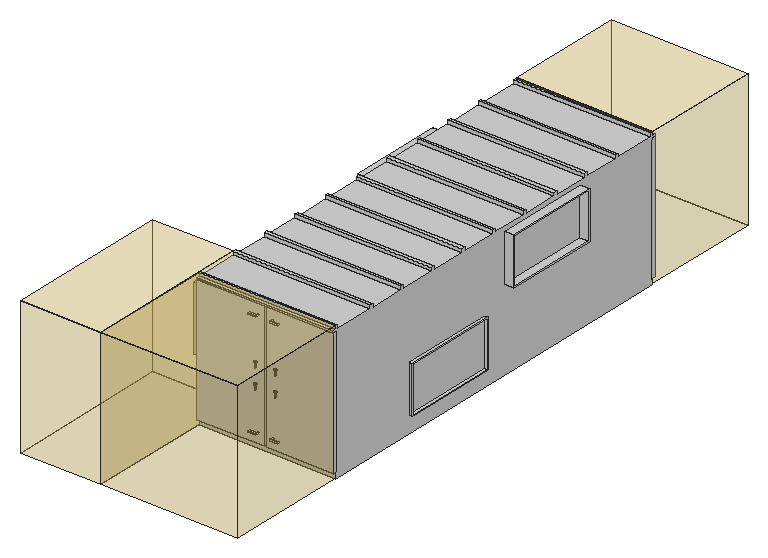
Revit family "Ventilator-RenewAire-Energy-Recovery-LE10XINV", category Mechanical Equipment, Revit 2015
Parameters (values of type "10.0 HP 208-230V Three Phase")
  Voltage = "208-230"
  Ventilation Type = "Static Plate, Heat and Humidity Transfer"
  Unit Width = "205-1/2\""
  Unit Weight - Modular = "1,127-2,222 lbs."
  Unit Weight - Assembled = "2,859-3,788 lbs."
  Unit Length = "81-1/2\""
  Unit Height = "71-1/4\""
  Unit = Metal - RenewAire - Anodized - Gray Text
  URL = "www.renewaire.com"
  Typical Airflow Range = "2,500-11,000 CFM"
  Standard Features = "TEFC Premium efficiency motors, Motor starters, Non-fused disconnect, 24 VAC transformer/relay package, Rubber vibration isolators"
  Shipping Weight - Assembled = "4,228 lbs."
  Service Area Visibility = yes
  Service Area Box = Interference - RenewAire - Smooth - Light - Gold
  Revit Object Download Link = ""
  Phase = "Three"
  Options = "Integrated programmable controls, Fused disconnect, Double wall construction, Factory supplied and mounted variable frequency drives (VFDs) - one or both airstreams, Class 1 low-leakage motorized isolation dampers - OA, RA or both airstreams, Qty. 2 Factory mounted filter alarms, Exterior Paint - white, custom colors, Spring Vibration Isolators"
  Number Motors = "Qty. 2, Belt drive blower/ standard motor packages with choice of adjustable sheaves for low, medium or high blower speed"
  Model = "LE10XINV"
  Minimum Circuit Amps = "60.8A"
  Maximum Overcurrent Protection = "80A"
  Max. Shipping Height - Modular = "78\""
  Max. Shipping Width - Assembled = "90\""
  Max. Shipping Weight - Module 2 = "1,792 lbs."
  Max. Shipping Weight - Module 1 = "2,442 lbs."
  Max. Shipping Width - Modular = "90\""
  Max. Shipping Length - Assembled = "240\""
  Max. Shipping Length - Modular = "120\""
  Max. Shipping Height - Assembled = "78\""
  Manufacturer = "RenewAire LLC"
  Frequency = "60 HZ"
  FLA per Motor = "27.0-24.4"
  Description = "Energy Recovery Ventilator"
  Connector Base Material = Glass - With - Transparency
  Accessories = "Filters - MERV 13, 2\" or 4\"; MERV 8, 4\"  (shipped loose), Digital time clock - wall mount(TC7D-W), in exterior enclosure (TC7D-E), Motion occupancy control - ceiling mount(MC-C), wall mount(MC-W), Carbon Dioxide control - duct mount(CO2-D), wall mount (CO2-W), Electric duct heater – EK series (1-60 kW), EH series (61-175 kW), Indirect gas-fired duct furnace - GH series (50-400 MBH), installed downstream of any fans"
  AHRI 1060 Certified Core = "Ten L125-G5"
Types (14): name | Voltage | Phase | Minimum Circuit Amps | Maximum Overcurrent Protection | FLA per Motor
  (no name) | "208-230" | "Three" | "60.8A" | "80A" | "27.0-24.4"
  3.0 HP 208-230V Single Phase | "208-230" | "Single" | "33.1 A" | "40 A" | "14.7 - 14"
  3.0 HP 208-230V Three Phase | "208-230" | "Three" | "21.1 A" | "25 A" | "9.38-8.48"
  3.0 HP 460V Three Phase | "460" | "Three" | "9.5 A" | "15 A" | "4.24"
  3.0 HP 575V Three Phase | "575" | "Three" | "7.4 A" | "15 A" | "3.3"
  5.0 HP 208-230V Three Phase | "208-230" | "Three" | "32.6 A" | "45 A" | "14.5-13.4"
  5.0 HP 460V Three Phase | "460" | "Three" | "15.1 A" | "20 A" | "6.7"
  5.0 HP 575V Three Phase | "575" | "Three" | "11.9 A" | "15 A" | "5.3"
  7.5 HP 208-230V Three Phase | "208-230" | "Three" | "47.3 A" | "60 A" | "21.0-19.0"
  7.5 HP 460V Three Phase | "460" | "Three" | "21.4 A" | "25 A" | "9.5"
  7.5 HP 575V Three Phase | "575" | "Three" | "17.1 A" | "20 A" | "7.6"
  10.0 HP 208-230V Three Phase | "208-230" | "Three" | "60.8A" | "80A" | "27.0-24.4"
  10.0 HP 460V Three Phase | "460" | "Three" | "27.5A" | "35A" | "12.2"
  10.0 HP 575V Three Phase | "575" | "Three" | "22.0 A" | "30 A" | "9.76"
Reference planes (in)
  plane 1 "Center (Front/Back)": y = 0
  plane 2: z = 0
  plane 3 "Center (Left/Right)": x = 0
Forms (in)
  Extrusion 1, solid, material "Metal - RenewAire - Anodized - Gray Text"
    sketch origin (-0.48313, -45.9375, 75.0345) x (1, 0, 0) y (0, 0, -1)
      loop
        circle (-3.25, 67.0345) r 0.25
    from -56.3125 to -55.5625
  Extrusion 2, solid, material "Metal - RenewAire - Anodized - Gray Text"
    sketch origin (-0.48313, -45.9375, 75.0345) x (0, 1, 0) y (0, 0, -1)
      loop
        line (-56.3125, 67.2845) -> (-57.1875, 67.2845) -> (-57.1875, 66.7845) -> (-56.3125, 66.7845) -> (-56.3125, 67.2845)
    from 2.95437 to 7.02735
  Extrusion 3, solid, material "Metal - RenewAire - Anodized - Gray Text"
    sketch origin (-0.4375, -45.9375, 128.569) x (1, 0, 0) y (0, 0, -1)
      loop
        circle (-3.25, 67.0345) r 0.25
    from -56.3125 to -55.5625
  Extrusion 4, solid, material "Metal - RenewAire - Anodized - Gray Text"
    sketch origin (-0.48313, -45.9375, 128.569) x (0, 1, 0) y (0, 0, -1)
      loop
        line (-56.3125, 67.2845) -> (-57.1875, 67.2845) -> (-57.1875, 66.7845) -> (-56.3125, 66.7845) -> (-56.3125, 67.2845)
    from 2.95437 to 7.02735
  Extrusion 5, solid, material "Interference - RenewAire - Smooth - Light - Gold", visible <- "Service Area Visibility"
    sketch origin (19.25, -40, 0) x (1, 0, 0) y (0, 1, 0)
      loop
        line (-53.8125, -38.125) -> (-94.8125, -38.125) -> (-94.8125, -122.25) -> (-53.8125, -122.25) -> (-53.8125, -38.125)
    from 0 to 69.25
  Extrusion 6, solid, material "Interference - RenewAire - Smooth - Light - Gold", visible <- "Service Area Visibility"
    sketch origin (0, -85.75, 0) x (1, 0, 0) y (0, 1, 0)
      loop
        line (34.5625, -14.25) -> (-34.5625, -14.25) -> (-34.5625, -76.5) -> (34.5625, -76.5) -> (34.5625, -14.25)
    from 0 to 69.25
  Extrusion 7, solid, material "Metal - RenewAire - Anodized - Gray Text"
    sketch origin (0, 0, 0) x (0, 1, 0) y (0, 0, 1)
      loop
        line (99.25, 67.5) -> (78.35, 67.5) -> (78.35, 69.25) -> (76.85, 69.25) -> (76.85, 67.5) -> (58.95, 67.5) -> (58.95, 69.25) -> (57.45, 69.25) -> (57.45, 67.5) -> (39.55, 67.5) -> (39.55, 69.25) -> (38.05, 69.25) -> (38.05, 67.5) -> (20.15, 67.5) -> (20.15, 69.25) -> (18.65, 69.25) -> (18.65, 67.5) -> (0.75, 67.5) -> (0.75, 69.25) -> (-0.75, 69.25) -> (-0.75, 67.5) -> (-18.65, 67.5) -> (-18.65, 69.25) -> (-20.15, 69.25) -> (-20.15, 67.5) -> (-38.05, 67.5) -> (-38.05, 69.25) -> (-39.55, 69.25) -> (-39.55, 67.5) -> (-57.45, 67.5) -> (-57.45, 69.25) -> (-58.95, 69.25) -> (-58.95, 67.5) -> (-76.85, 67.5) -> (-76.85, 69.25) -> (-78.35, 69.25) -> (-78.35, 67.5) -> (-99.25, 67.5) -> (-99.25, 69.25) -> (-100, 69.25) -> (-100, 67.75) -> (-102, 67.75) -> (-102, 67) -> (-100, 67) -> (-100, 0) -> (100, 0) -> (100, 67) -> (102, 67) -> (102, 67.75) -> (100, 67.75) -> (100, 69.25) -> (99.25, 69.25) -> (99.25, 67.5)
    from -34.5625 to 34.5625
  Extrusion 8, solid, material "Interference - RenewAire - Smooth - Light - Gold", visible <- "Service Area Visibility"
    sketch origin (0, 8.09732, 0) x (1, 0, 0) y (0, 1, 0)
      loop
        line (34.5625, 152.90268) -> (-34.5625, 152.90268) -> (-34.5625, 92.65268) -> (34.5625, 92.65268) -> (34.5625, 152.90268)
    from 0 to 69.25
  Extrusion 9, solid, material "Metal - RenewAire - Anodized - Gray Text"
    sketch origin (0, 0, 0) x (1, 0, 0) y (0, 0, 1)
      loop
        line (-34.5625, 66.5) -> (-34.5625, 3) -> (-0.5625, 3) -> (-0.5625, 66.5) -> (-34.5625, 66.5)
    from 100 to 101.5
  Extrusion 10, solid, material "Metal - RenewAire - Anodized - Gray Text"
    sketch origin (-6.80202, 0, 0) x (1, 0, 0) y (0, 0, 1)
      loop
        line (7.36452, 66.5) -> (7.36452, 3) -> (41.36452, 3) -> (41.36452, 66.5) -> (7.36452, 66.5)
    from 100 to 101.5
  Extrusion 11, solid, material "Metal - RenewAire - Anodized - Gray Text"
    sketch origin (0, 0, 0) x (1, 0, 0) y (0, 0, 1)
      loop
        line (-34.5625, 66.5) -> (-34.5625, 3) -> (-0.5625, 3) -> (-0.5625, 66.5) -> (-34.5625, 66.5)
    from -101.5 to -100
  Extrusion 12, solid, material "Metal - RenewAire - Anodized - Gray Text"
    sketch origin (-6.80202, 0, 0) x (1, 0, 0) y (0, 0, 1)
      loop
        line (7.36452, 66.5) -> (7.36452, 3) -> (41.36452, 3) -> (41.36452, 66.5) -> (7.36452, 66.5)
    from -101.5 to -100
  Extrusion 13, solid, material "Metal - RenewAire - Anodized - Gray Text"
    sketch origin (0, -40, 0) x (0, 1, 0) y (0, 0, 1)
      loop
        line (-38.125, 62) -> (-57.5, 62) -> (-57.5, 29.625) -> (-38.125, 29.625) -> (-38.125, 62)
    from -39.5625 to -34.5625
  Extrusion 14, solid, material "Metal - RenewAire - Anodized - Gray Text"
    sketch origin (0, -40, 0) x (0, 1, 0) y (0, 0, 1)
      loop
        line (-49, 43.625) -> (-51.5, 43.625) -> (-51.5, 41.125) -> (-49, 41.125) -> (-49, 43.625)
    from -39.8125 to -39.5625
  Extrusion 15, solid, material "Metal - RenewAire - Anodized - Gray Text"
    sketch origin (0, -40, 0) x (0, 1, 0) y (0, 0, 1)
      loop
        circle (-50.24745, 42.375) r 1
    from -40.8125 to -39.8125
  Extrusion 16, solid, material "Metal - RenewAire - Anodized - Gray Text"
    sketch origin (0.48313, -45.9375, 75.0345) x (-1, 0, 0) y (0, 0, 1)
      loop
        circle (-3.25, -67.0345) r 0.25
    from -56.3125 to -55.5625
  Extrusion 17, solid, material "Metal - RenewAire - Anodized - Gray Text"
    sketch origin (0.48313, -45.9375, 75.0345) x (0, 1, 0) y (0, 0, 1)
      loop
        line (-56.3125, -67.2845) -> (-56.3125, -66.7845) -> (-57.1875, -66.7845) -> (-57.1875, -67.2845) -> (-56.3125, -67.2845)
    from 2.95437 to 7.02735
  Extrusion 18, solid, material "Metal - RenewAire - Anodized - Gray Text"
    sketch origin (0.4375, -45.9375, 128.569) x (-1, 0, 0) y (0, 0, 1)
      loop
        circle (-3.25, -67.0345) r 0.25
    from -56.3125 to -55.5625
  Extrusion 19, solid, material "Metal - RenewAire - Anodized - Gray Text"
    sketch origin (0.48313, -45.9375, 128.569) x (0, 1, 0) y (0, 0, 1)
      loop
        line (-56.3125, -67.2845) -> (-56.3125, -66.7845) -> (-57.1875, -66.7845) -> (-57.1875, -67.2845) -> (-56.3125, -67.2845)
    from 2.95437 to 7.02735
  Extrusion 20, solid, material "Metal - RenewAire - Anodized - Gray Text"
    sketch origin (-0.48313, 46.6875, 75.0345) x (1, 0, 0) y (0, 0, 1)
      loop
        circle (-3.25, -67.0345) r 0.25
    from -56.3125 to -55.5625
  Extrusion 21, solid, material "Metal - RenewAire - Anodized - Gray Text"
    sketch origin (-0.48313, 46.6875, 75.0345) x (0, -1, 0) y (0, 0, 1)
      loop
        line (-56.3125, -67.2845) -> (-56.3125, -66.7845) -> (-57.1875, -66.7845) -> (-57.1875, -67.2845) -> (-56.3125, -67.2845)
    from 2.95437 to 7.02735
  Extrusion 22, solid, material "Metal - RenewAire - Anodized - Gray Text"
    sketch origin (-0.4375, 46.6875, 128.569) x (1, 0, 0) y (0, 0, 1)
      loop
        circle (-3.25, -67.0345) r 0.25
    from -56.3125 to -55.5625
  Extrusion 23, solid, material "Metal - RenewAire - Anodized - Gray Text"
    sketch origin (-0.48313, 46.6875, 128.569) x (0, -1, 0) y (0, 0, 1)
      loop
        line (-56.3125, -67.2845) -> (-56.3125, -66.7845) -> (-57.1875, -66.7845) -> (-57.1875, -67.2845) -> (-56.3125, -67.2845)
    from 2.95437 to 7.02735
  Extrusion 24, solid, material "Metal - RenewAire - Anodized - Gray Text"
    sketch origin (0.48313, 46.6875, 75.0345) x (-1, 0, 0) y (0, 0, -1)
      loop
        circle (-3.25, 67.0345) r 0.25
    from -56.3125 to -55.5625
  Extrusion 25, solid, material "Metal - RenewAire - Anodized - Gray Text"
    sketch origin (0.48313, 46.6875, 75.0345) x (0, -1, 0) y (0, 0, -1)
      loop
        line (-56.3125, 67.2845) -> (-57.1875, 67.2845) -> (-57.1875, 66.7845) -> (-56.3125, 66.7845) -> (-56.3125, 67.2845)
    from 2.95437 to 7.02735
  Extrusion 26, solid, material "Metal - RenewAire - Anodized - Gray Text"
    sketch origin (0.4375, 46.6875, 128.569) x (-1, 0, 0) y (0, 0, -1)
      loop
        circle (-3.25, 67.0345) r 0.25
    from -56.3125 to -55.5625
  Extrusion 27, solid, material "Metal - RenewAire - Anodized - Gray Text"
    sketch origin (0.48313, 46.6875, 128.569) x (0, -1, 0) y (0, 0, -1)
      loop
        line (-56.3125, 67.2845) -> (-57.1875, 67.2845) -> (-57.1875, 66.7845) -> (-56.3125, 66.7845) -> (-56.3125, 67.2845)
    from 2.95437 to 7.02735
  Extrusion 28, solid, material "Metal - RenewAire - Anodized - Gray Text"
    sketch origin (0, 0, 0) x (0, 1, 0) y (0, 0, 1)
      loop
        line (54.125, 65.625) -> (6.125, 65.625) -> (6.125, 41.625) -> (54.125, 41.625) -> (54.125, 65.625)
      loop
        line (53.875, 65.375) -> (6.375, 65.375) -> (6.375, 41.875) -> (53.875, 41.875) -> (53.875, 65.375)
    from -39.5625 to -34.5625
  Extrusion 29, solid, material "Metal - RenewAire - Anodized - Gray Text"
    sketch origin (0, 0, 0) x (0, 1, 0) y (0, 0, 1)
      loop
        line (-6.25, 32.875) -> (-54.25, 32.875) -> (-54.25, 8.875) -> (-6.25, 8.875) -> (-6.25, 32.875)
      loop
        line (-6.5, 32.625) -> (-54, 32.625) -> (-54, 9.125) -> (-6.5, 9.125) -> (-6.5, 32.625)
    from -36.5625 to -34.5625
  Extrusion 30, solid, material "Metal - RenewAire - Anodized - Gray Text"
    sketch origin (0, 1.875, 0.125) x (0, 1, 0) y (0, 0, 1)
      loop
        line (4.25, 65.5) -> (4.25, 41.5) -> (52.25, 41.5) -> (52.25, 65.5) -> (4.25, 65.5)
      loop
        line (4.5, 65.25) -> (4.5, 41.75) -> (52, 41.75) -> (52, 65.25) -> (4.5, 65.25)
    from 34.5625 to 39.5625
  Extrusion 31, solid, material "Metal - RenewAire - Anodized - Gray Text"
    sketch origin (0, -2, -1.875) x (0, 1, 0) y (0, 0, 1)
      loop
        line (-52.25, 34.75) -> (-52.25, 10.75) -> (-4.25, 10.75) -> (-4.25, 34.75) -> (-52.25, 34.75)
      loop
        line (-52, 34.5) -> (-52, 11) -> (-4.5, 11) -> (-4.5, 34.5) -> (-52, 34.5)
    from 34.5625 to 36.5625
Dimensions and locks (in)
  level to Extrusion 30 = 5' - 5 5/8"
  aligned and locked: level to plane 2
Nested families (in)
  nested 1: "Monitoring Port" at (-5.0625, -101.5, 27.071), type "Monitoring Port"
  nested 2: "Monitoring Port" at (-5.0625, -101.5, 37.1055), type "Monitoring Port"
  nested 3: "Monitoring Port" at (5.0625, -101.5, 27.071) x (-1, 0, 0) z (0, 0, 1), type "Monitoring Port"
  nested 4: "Monitoring Port" at (5.0625, -101.5, 37.1055) x (-1, 0, 0) z (0, 0, 1), type "Monitoring Port"
  nested 5: "Monitoring Port" at (-5.0625, 102.25, 27.071), type "Monitoring Port"
  nested 6: "Monitoring Port" at (-5.0625, 102.25, 37.1055), type "Monitoring Port"
  nested 7: "Monitoring Port" at (5.0625, 102.25, 27.071) x (-1, 0, 0) z (0, 0, 1), type "Monitoring Port"
  nested 8: "Monitoring Port" at (5.0625, 102.25, 37.1055) x (-1, 0, 0) z (0, 0, 1), type "Monitoring Port"
Connectors (in)
  hvac at (39.5625, 30.125, 53.625)
    settings: on Extrusion 30, index 1, duct flow 0 CFM, flow factor 0, pres drop 0.00 in-wg, loss coef 0, conn angle 0.00°, conn width 48", conn height 24", conn diameter 24", duct sys type 1, conn prof type 1, flow config 0, flow direction 1, loss method 0, conn ref index -1, conn util no, is conn primary yes, conn desc "OA (Outside Air)"
  hvac at (36.5625, -30.25, 20.875)
    settings: on Extrusion 31, index 2, duct flow 0 CFM, flow factor 0, pres drop 0.00 in-wg, loss coef 0, conn angle 0.00°, conn width 48", conn height 24", conn diameter 24", duct sys type 2, conn prof type 1, flow config 0, flow direction 2, loss method 0, conn ref index -1, conn util no, is conn primary no, conn desc "EA (Exhaust Air)"
  hvac at (-36.5625, -30.25, 20.875)
    settings: on Extrusion 29, index 4, duct flow 0 CFM, flow factor 0, pres drop 0.00 in-wg, loss coef 0, conn angle 0.00°, conn width 48", conn height 24", conn diameter 24", duct sys type 1, conn prof type 1, flow config 0, flow direction 2, loss method 0, conn ref index -1, conn util no, is conn primary no, conn desc "FA (Fresh Air)"
  hvac at (-39.5625, 30.125, 53.625)
    settings: on Extrusion 28, index 5, duct flow 0 CFM, flow factor 0, pres drop 0.00 in-wg, loss coef 0, conn angle 0.00°, conn width 48", conn height 24", conn diameter 24", duct sys type 2, conn prof type 1, flow config 0, flow direction 1, loss method 0, conn ref index -1, conn util no, is conn primary no, conn desc "RA (Return Air)"
Definition of nested family "Monitoring Port"
  Parameters (values of type "Monitoring Port")
    URL = "www.renewaire.com"
    Revit Object Download Link = ""
    Model = ""
    Manufacturer = "RenewAire LLC"
    Description = "Monitoring Ports"
  Reference planes (in)
    plane 1 "Center (Front/Back)": y = 0
    plane 2: z = 0
    plane 3 "Center (Left/Right)": x = 0
  Forms (in)
    Extrusion 1, solid
      sketch origin (-9.43348, 0, 37.76669) x (-1, 0, 0) y (0, 0, -1)
        loop
          line (-9.53348, 35.65895) -> (-9.94097, 35.42369) -> (-9.94097, 34.83769) -> (-9.43348, 34.54469) -> (-8.92599, 34.83769) -> (-8.92599, 35.42369) -> (-9.33348, 35.65895) -> (-9.33348, 37.28756)
          arc (-9.33348, 37.28756) -> (-9.43348, 37.76669) -> (-9.53348, 37.28756) r 0.25
          line (-9.53348, 37.28756) -> (-9.53348, 35.65895)
      from 0 to 0.25
  Dimensions and locks (in)
    aligned and locked: level to plane 2
